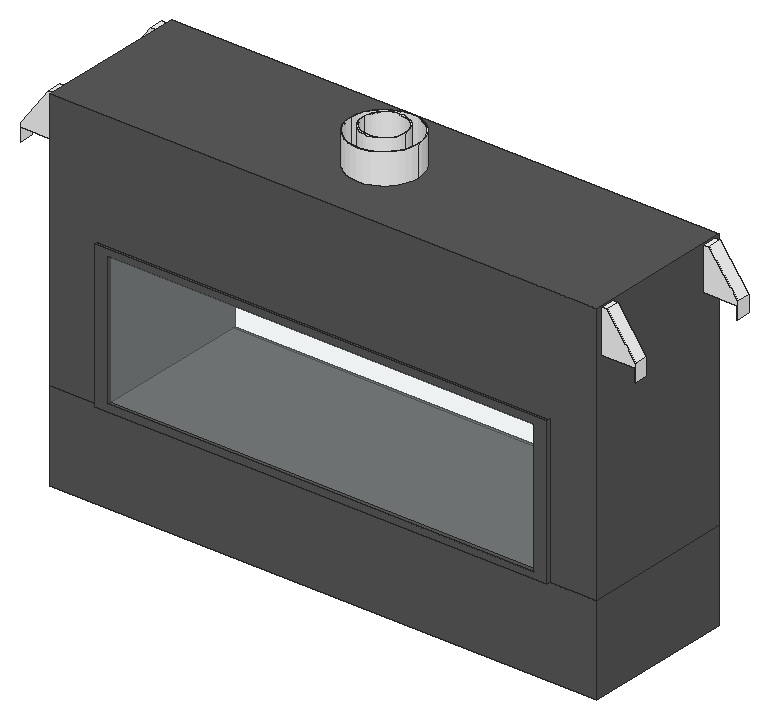
Revit family "D48ST", category Generic Models, Revit 2019
Family settings
  Can host rebar = No
  Round Connector Dimension = Use Diameter
  Part Type = Normal
  Work Plane-Based = No
  Always vertical = Yes
  Cut with Voids When Loaded = No
  Shared = No
  Room Calculation Point = No
Parameters
  Width = 17 3/4"
  URL = "https://www.montigo.com/"
  Model = ""
  Manufacturer Fax = ""
  Manufacturer Website = "https://www.montigo.com/"
  Manufacturer Phone - Toll Free = "800-378-3115"
  Manufacturer Phone = ""
  Manufacturer Address = "27342 Gloucester Way  Langley, BC, Canada   V4W 4A1"
  Manufacturer = "Montigo"
  Length = 63 7/8"
  Keynote = ""
  Glazing Tint = Glass - Montigo - Tint as Specified
  Frame Material = Metal - Montigo - Black
  Firebox Material = Metal - Montigo - White
  Fire Place Length = 52 13/16"
  Fire Place Height = 40 15/16"
  Fire Place - Opening = 17"
  Description = "Montigo Fireplace as Specified"
  Base Height = 10 3/8"
Reference planes (in)
  plane 1 "Center (Front/Back)": y = 0
  plane 2: z = 0
  plane 3 "Center (Left/Right)": x = 0
  plane 4: x = -31.9375
  plane 5: x = 31.9375
  plane 6: y = 8.875
  plane 7: y = -8.875
  plane 8: z = 10.375
  plane 9: z = 27.375
  plane 10: z = 40.9375
  plane 11: x = -26.40625
  plane 12: x = 26.40625
Forms (in)
  Extrusion 1, solid, material "Metal - Montigo - Black" <- "Frame Material"
    sketch origin (0, 0, 0) x (1, 0, 0) y (0, 1, 0)
      loop
        line (-31.9375, 8.875) -> (-31.9375, -8.875) -> (31.9375, -8.875) -> (31.9375, 8.875) -> (-31.9375, 8.875)
    from 0 to 10.375
  Extrusion 2, solid, material "Metal - Montigo - Black" <- "Frame Material"
    sketch origin (0, 0, 0) x (1, 0, 0) y (0, 1, 0)
      loop
        line (-31.9375, 8.875) -> (-31.9375, -8.875) -> (31.9375, -8.875) -> (31.9375, 8.875) -> (-31.9375, 8.875)
    from 10.375 to 40.9375
  Extrusion 3, solid, material "Metal - Montigo - Black" <- "Frame Material"
    sketch origin (0, 0, 0) x (1, 0, 0) y (0, 0, 1)
      loop
        line (-26.40625, 27.375) -> (-26.40625, 10.375) -> (26.40625, 10.375) -> (26.40625, 27.375) -> (-26.40625, 27.375)
      loop
        line (-24.90625, 26.625) -> (-24.90625, 11.125) -> (24.90625, 11.125) -> (24.90625, 26.625) -> (-24.90625, 26.625)
    from -9.25 to 9.25
  Extrusion 4, void
    sketch origin (0, 0, 0) x (1, 0, 0) y (0, 0, 1)
      loop
        line (-26.40625, 27.375) -> (-26.40625, 10.375) -> (26.40625, 10.375) -> (26.40625, 27.375) -> (-26.40625, 27.375)
    from -12.26802 to 12
  Extrusion 5, solid, material "Glass - Montigo - Tint as Specified" <- "Glazing Tint"
    sketch origin (0, 0, 0) x (1, 0, 0) y (0, 1, 0)
      loop
        line (-24.90625, 8.875) -> (-24.90625, -8.875) -> (24.90625, -8.875) -> (24.90625, 8.875) -> (-24.90625, 8.875)
    from 11.125 to 26.625
  Extrusion 6, solid, material "Metal - Montigo - White" <- "Firebox Material"
    sketch origin (145.25717, 0, -10.13625) x (1, 0, 0) y (0, 0, 1)
      loop
        line (-113.31967, 50.97375) -> (-113.31967, 45.97375) -> (-109.38867, 45.97375) -> (-109.38867, 44.47375) -> (-109.32867, 44.47375) -> (-109.32867, 46.44088) -> (-112.65867, 50.97375) -> (-113.31967, 50.97375)
    from 6.65959 to 8.25
  Extrusion 7, solid, material "Metal - Montigo - White" <- "Firebox Material"
    sketch origin (145.25717, 0, -10.13625) x (1, 0, 0) y (0, 0, -1)
      loop
        line (-113.31967, -50.97375) -> (-112.65867, -50.97375) -> (-109.32867, -46.44088) -> (-109.32867, -44.47375) -> (-109.38867, -44.47375) -> (-109.38867, -45.97375) -> (-113.31967, -45.97375) -> (-113.31967, -50.97375)
    from 6.65959 to 8.25
  Extrusion 8, solid, material "Metal - Montigo - White" <- "Firebox Material"
    sketch origin (-145.25717, 0, -10.13625) x (-1, 0, 0) y (0, 0, -1)
      loop
        line (-113.31967, -50.97375) -> (-112.65867, -50.97375) -> (-109.32867, -46.44088) -> (-109.32867, -44.47375) -> (-109.38867, -44.47375) -> (-109.38867, -45.97375) -> (-113.31967, -45.97375) -> (-113.31967, -50.97375)
    from 6.65959 to 8.25
  Extrusion 9, solid, material "Metal - Montigo - White" <- "Firebox Material"
    sketch origin (-145.25717, 0, -10.13625) x (-1, 0, 0) y (0, 0, 1)
      loop
        line (-113.31967, 50.97375) -> (-113.31967, 45.97375) -> (-109.38867, 45.97375) -> (-109.38867, 44.47375) -> (-109.32867, 44.47375) -> (-109.32867, 46.44088) -> (-112.65867, 50.97375) -> (-113.31967, 50.97375)
    from 6.65959 to 8.25
Cuts and joins
  Extrusion 4 cuts Extrusion 2
Dimensions and locks (in)
  equal spacing: plane 6, plane 1 "Center (Front/Back)", plane 7
  "Width": plane 6 to plane 7
  "Length": plane 4 to plane 5
  equal spacing: plane 4, plane 3 "Center (Left/Right)", plane 5
  "Base Height": plane 8 to plane 2
  "Fire Place - Opening": plane 9 to plane 8
  "Fire Place Height": plane 10 to plane 2
  "Fire Place Length": plane 12 to plane 11
  equal spacing: plane 12, plane 3 "Center (Left/Right)", plane 11
  aligned and locked: level to plane 2
  aligned and locked: plane 6 to Extrusion 1
  aligned and locked: plane 7 to Extrusion 1
  aligned and locked: Extrusion 1 to plane 4
  aligned and locked: Extrusion 1 to plane 5
  aligned and locked: plane 8 to Extrusion 1
  aligned and locked: plane 10 to Extrusion 2
  aligned and locked: Extrusion 2 to plane 8
  aligned and locked: Extrusion 3 sketch curve to plane 9
  aligned and locked: plane 11 to Extrusion 3 sketch curve
  aligned and locked: plane 8 to Extrusion 3 sketch curve
  aligned and locked: plane 12 to Extrusion 3 sketch curve
  aligned and locked: Extrusion 4 to plane 11
  aligned and locked: Extrusion 4 to plane 12
  aligned and locked: Extrusion 4 sketch curve to plane 9
  aligned and locked: plane 8 to Extrusion 4 sketch curve
  aligned and locked: plane 12 to Extrusion 4 sketch curve
  aligned and locked: plane 11 to Extrusion 4 sketch curve
  aligned and locked: Extrusion 5 sketch curve to plane 6
  aligned and locked: Extrusion 5 sketch curve to plane 7
  aligned and locked: nested 1 to plane 1 "Center (Front/Back)"
  aligned and locked: nested 1 to plane 3 "Center (Left/Right)"
Automatic sketch dimensions
  Extrusion 1 sketch curve to plane 4 = 0"
  Extrusion 1 sketch curve to plane 5 = 0"
  plane 7 to Extrusion 1 sketch curve = 0"
  Extrusion 1 sketch curve to plane 6 = 0"
  Extrusion 2 sketch curve to plane 4 = 0"
  Extrusion 2 sketch curve to plane 5 = 0"
  plane 7 to Extrusion 2 sketch curve = 0"
  Extrusion 2 sketch curve to plane 6 = 0"
  plane 5 to Extrusion 6 sketch curve = 0"
  Extrusion 6 sketch curve to plane 10 = 0.1"
  Extrusion 6 sketch curve to plane 5 = 0.661"
  Extrusion 6 sketch curve to plane 5 = 3.93101"
  Extrusion 6 sketch curve to Extrusion 6 sketch curve = 0.06"
  Extrusion 6 sketch curve to plane 10 = 4.63287"
  Extrusion 6 sketch curve to Extrusion 6 sketch curve = 0.46713"
  Extrusion 6 sketch curve to Extrusion 6 sketch curve = 1 1/2"
  plane 5 to Extrusion 7 sketch curve = 0"
  Extrusion 7 sketch curve to plane 10 = 0.1"
  Extrusion 7 sketch curve to plane 5 = 0.661"
  Extrusion 7 sketch curve to plane 5 = 3.93101"
  Extrusion 7 sketch curve to Extrusion 7 sketch curve = 0.06"
  Extrusion 7 sketch curve to plane 10 = 4.63287"
  Extrusion 7 sketch curve to Extrusion 7 sketch curve = 0.46713"
  Extrusion 7 sketch curve to Extrusion 7 sketch curve = 1 1/2"
  Extrusion 8 sketch curve to plane 4 = 0"
  plane 10 to Extrusion 8 sketch curve = 0.1"
  plane 4 to Extrusion 8 sketch curve = 0.661"
  plane 4 to Extrusion 8 sketch curve = 3.93101"
  Extrusion 8 sketch curve to Extrusion 8 sketch curve = 0.06"
  plane 10 to Extrusion 8 sketch curve = 4.63287"
  Extrusion 8 sketch curve to Extrusion 8 sketch curve = 0.46713"
  Extrusion 8 sketch curve to Extrusion 8 sketch curve = 1 1/2"
  Extrusion 9 sketch curve to plane 4 = 0"
  Extrusion 9 sketch curve to plane 10 = 0.1"
  Extrusion 9 sketch curve to plane 4 = 0.661"
  Extrusion 9 sketch curve to plane 4 = 3.93101"
  Extrusion 9 sketch curve to Extrusion 9 sketch curve = 0.06"
  Extrusion 9 sketch curve to plane 10 = 4.63287"
  Extrusion 9 sketch curve to Extrusion 9 sketch curve = 0.46713"
  Extrusion 9 sketch curve to Extrusion 9 sketch curve = 1 1/2"
  plane 12 to Extrusion 3 sketch curve = 1 1/2"
  plane 8 to Extrusion 3 sketch curve = 3/4"
  Extrusion 3 sketch curve to plane 9 = 3/4"
  plane 11 to Extrusion 3 sketch curve = 1 1/2"
  plane 11 to Extrusion 5 sketch curve = 1 1/2"
  plane 12 to Extrusion 5 sketch curve = 1 1/2"
Nested families (in)
  nested 1: "Duct Dia" at (0, 0, 40.9375) x (-1, 0, 0) z (0, 0, 1), type "5""
    with Intake Duct Dia 5", Intake Diameter 4 7/8", Height 4 1/8"
  nested 2: "Duct Dia" at (0, 0, 40.9375) x (-1, 0, 0) z (0, 0, 1), type "8""
    with Intake Duct Dia 8", Intake Diameter 7 7/8", Height 3 1/2"
Connectors (in)
  hvac at (0, 0, 45.0625)
    settings: on nested 1, index 2, duct flow 0.0 L/s, flow factor 0, pres drop 0.0 Pa, loss coef 0, conn angle 0.00°, conn width 304.8 mm, conn height 304.8 mm, conn diameter 127 mm, duct sys type 3, conn prof type 0, flow config 0, flow direction 0, loss method 0, conn ref index -1, conn util no, is conn primary yes, conn desc ""
  hvac at (0, 0, 44.4375)
    settings: on nested 2, index 3, duct flow 0.0 L/s, flow factor 0, pres drop 0.0 Pa, loss coef 0, conn angle 0.00°, conn width 304.8 mm, conn height 304.8 mm, conn diameter 203.2 mm, duct sys type 3, conn prof type 0, flow config 0, flow direction 0, loss method 0, conn ref index -1, conn util no, is conn primary no, conn desc ""
Definition of nested family "Duct Dia"
  Parameters (values of type "15 7/8" Dia.")
    Intake Duct Dia = 15 7/8"
    Intake Diameter = Intake Duct Dia - 1/8"  # 15 3/4"
    Height = 4"
    Firebox Material = none
    Default Elevation = 48"
  Types (12): name | Intake Duct Dia | Intake Diameter | Height
    9 7/8" Dia. | 9 7/8" | 9 3/4" | 4"
    7 7/8" Dia | 7 7/8" | 7 3/4" | 4"
    8 1/8" Dia | 8 1/8" | 8" | 1/4"
    11 3/4" Dia | 11 3/4" | 11 5/8" | 4"
    4" Dia | 10" | 9 7/8" | 4"
    7 3/4" Dia | 7 3/4" | 7 5/8" | 4"
    6 7/8" Dia | 6 7/8" | 6 3/4" | 1/4"
    9 3/4" Dia. | 9 3/4" | 9 5/8" | 4"
    7 1/8" Dia | 7 1/8" | 7" | 1/4"
    11 7/8" Dia. | 11 7/8" | 11 3/4" | 4"
    13 7/8" Dia. | 13 7/8" | 13 3/4" | 4"
    15 7/8" Dia. | 15 7/8" | 15 3/4" | 4"
  Reference planes (in)
    plane 1 "Center (Front/Back)": y = 0
    plane 2: z = 0
    plane 3 "Center (Left/Right)": x = 0
    plane 4: z = 4
  Forms (in)
    Extrusion 1, solid
      sketch origin (0, 0, 0) x (1, 0, 0) y (0, 1, 0)
        loop
          line (-48, 48) -> (-48, -48) -> (48, -48) -> (48, 48) -> (-48, 48)
      from 0 to -12
    Extrusion 2, solid, material <- "Firebox Material"
      sketch origin (0, 0, 0) x (1, 0, 0) y (0, 1, 0)
        loop
          circle (0, 0) r 7.9375
        loop
          circle (0, 0) r 7.875
      from 0 to 4
  Dimensions and locks (in)
    "Height": plane 4 to level
    "Intake Duct Dia": diameter of Extrusion 2 sketch curve
    "Intake Diameter": diameter of Extrusion 2 sketch curve
    aligned and locked: plane 2 to Extrusion 1
    aligned and locked: level to Extrusion 1
    aligned and locked: plane 4 to Extrusion 2
  Automatic sketch dimensions
    Extrusion 1 sketch curve to Extrusion 1 sketch curve = 96"  (x2)
    Extrusion 2 sketch curve to Extrusion 2 sketch curve = 0"  (x2)
    plane 1 "Center (Front/Back)" to Extrusion 2 sketch curve = 0"
    Extrusion 2 sketch curve to plane 3 "Center (Left/Right)" = 0"
